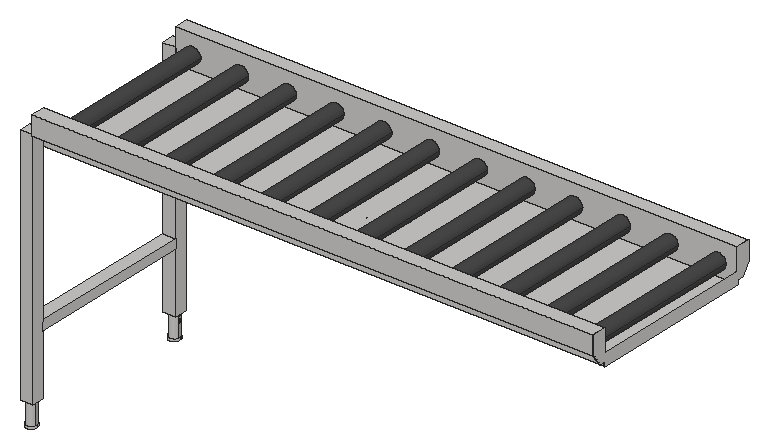
Revit family "QF_ELECTROLUXPROFESSIONAL_863031_HSLRC18", category Specialty Equipment, Revit 2018
Family settings
  Round Connector Dimension = Use Diameter
  Part Type = Normal
  Work Plane-Based = No
  Always vertical = Yes
  Cut with Voids When Loaded = No
  Shared = No
  Room Calculation Point = No
Parameters
  Weight = 0.00 kg
  Watts = 0 W
  Volts = 0 V
  URL Manufacturer = "http://professional.electrolux.com/"
  URL = "http://professional.electrolux.com/"
  Steam Supply Size = 0 mm
  Steam Supply Minimum Pressure = 0.0 Pa
  Steam Supply Maximum Pressure = 0.0 Pa
  Steam Pounds per Hour = 0
  Refrigeration Suction Line Size = 0 mm
  Refrigeration Liquid Line Size = 0 mm
  Refrigerant Compressor Remote = yes
  Manufacturer = "Electrolux"
  Phase = 0
  Model = "HSLRC18"
  Length Actual = 1800 mm  # constant formula
  Item Number = "863031"
  Hot Water Size = 0 mm
  Height Actual = 910 mm  # constant formula
  HP = "0 HP"
  Gas Size = 0 mm
  Gas KW = 0
  Gas Input Pressure = 0 W
  Description = "CONVEYOR, LONG ROLLERS, L=1800 MM"
  Depth Actual = 620 mm  # constant formula
  Cycle = 0 Hz
  Condensate Return Size = 0 mm
  Compressed Air Volume = 0.0 L/s
  Compressed Air Size = 0 mm
  Compressed Air Pressure = 0.0 Pa
  Cold Water Size = 0 mm
  Accessory = yes
Reference planes
  plane 1 "Centro (Fronte/Retro)": y = 74.737
  plane 2: z = 0
  plane 3 "LEFT": x = -1038.761
  plane 4 "BACK": y = 384.737
  plane 5 "FRONT": y = -235.263
  plane 6: z = 910
  plane 7 "RIGHT": x = 761.239
  plane 8: x = -108.761
Forms (mm)
  Extrusion 1, solid, material "QF_Finishes_Stainless Steel"
    sketch origin (0, 74.737, 0) x (1, 0, 0) y (0, 0, 1)
      loop
        line (-1079.929, 300) -> (-1079.929, 270) -> (-1039.929, 270) -> (-1039.929, 300) -> (-1079.929, 300)
    from -266.504 to 266.46
  Extrusion 2, solid, material "QF_Finishes_Stainless Steel"
    sketch origin (11.239, 0, 0) x (0, 1, 0) y (0, 0, 1)
      loop
        line (-235.263, 910) -> (-235.263, 850.033) -> (-190.242, 850.033) -> (-190.242, 910) -> (-235.263, 910)
      loop
        line (384.737, 910) -> (339.716, 910) -> (339.716, 850.033) -> (384.737, 850.033) -> (384.737, 910)
    from -1050 to 748.8
  Extrusion 3, solid, material "QF_Finishes_Stainless Steel"
    sketch origin (11.239, 0, 0) x (0, 1, 0) y (0, 0, 1)
      loop
        line (-191.727, 850.033) -> (-191.727, 800.081) -> (341.245, 800.081) -> (341.245, 850.033) -> (339.716, 850.033) -> (339.716, 803.081) -> (-190.242, 803.081) -> (-190.242, 850.033) -> (-191.727, 850.033)
    from -1050 to 748.8
  Extrusion 4, solid, material "QF_Finishes_Black"
    sketch origin (0, 74.737, 0) x (1, 0, 0) y (0, 0, -1)
      loop
        circle (-980.637, -850.115) r 25
      loop
        circle (-827.569, -850.115) r 25
      loop
        circle (-674.5, -850.115) r 25
      loop
        circle (703.115, -850.115) r 25
      loop
        circle (90.842, -850.115) r 25
      loop
        circle (243.91, -850.115) r 25
      loop
        circle (396.978, -850.115) r 25
      loop
        circle (550.047, -850.115) r 25
      loop
        circle (-521.432, -850.115) r 25
      loop
        circle (-62.227, -850.115) r 25
      loop
        circle (-215.295, -850.115) r 25
      loop
        circle (-368.364, -850.115) r 25
    from -260.534 to 260.534
  Extrusion 5, solid, material "QF_Finishes_Stainless Steel"
    sketch origin (2261.239, 723.253, 4000) x (0, 1, 0) y (0, 0, 1)
      loop
        line (-958.516, -3090) -> (-958.516, -3149.967) -> (-934.752, -3185.632) -> (-915.4, -3185.632) -> (-915.4, -3199.919) -> (-381.633, -3199.919) -> (-381.633, -3185.632) -> (-362.281, -3185.632) -> (-338.516, -3149.967) -> (-338.516, -3090) -> (-383.538, -3090) -> (-383.538, -3161.926) -> (-913.495, -3161.926) -> (-913.495, -3090) -> (-958.516, -3090)
    from -1500 to -1501.2
  Revolve 6, solid, material "QF_Finishes_Stainless Steel"
    sketch origin (-138.748, 0, 0) x (0, 1, 0) y (0, 0, 1)
      loop
        line (74.737, 800.081) -> (12.53, 800.081) -> (12.319, 797.4) -> (12.319, 785.476) -> (17.293, 785.476) -> (17.293, 781.772)
        arc (17.293, 781.772) -> (20.266, 773.808) -> (27.77, 769.813) r 11.998
        line (27.77, 769.813) -> (74.737, 764.085) -> (74.737, 800.081)
      axis (74.737, 764.085) -> (74.737, 800.081)
    angle from 0 to 360
  Revolve 7, solid, material "QF_Finishes_Stainless Steel"
    sketch origin (-108.748, -1524, 744.096) x (0, 0, 1) y (0, -1, 0)
      loop
        line (13.017, -1619.713) -> (30, -1619.713) -> (30, -1598.737) -> (0, -1598.737) -> (0, -1619.713) -> (2.434, -1622.253) -> (10.477, -1622.253) -> (13.017, -1619.713)
      axis (0, -1598.737) -> (30, -1598.737)
    angle from 0 to 360
Cuts and joins
  joined: Extrusion 2, Extrusion 3
Lines and regions (mm)
  Split face 1
    outline origin (908.239, 339.716, 803.081) x (-1, 0, 0) y (0, -1, 0)
      loop
        circle (1047, 264.904) r 3.016
  Split face 2
    outline origin (908.239, 339.716, 803.081) x (-1, 0, 0) y (0, -1, 0)
      loop
        circle (1047, 264.904) r 52.991
  Split face 3
    outline origin (908.239, 339.716, 803.081) x (-1, 0, 0) y (0, -1, 0)
      loop
        circle (1047, 264.904) r 36.015
  Split face 4
    outline origin (908.239, 339.716, 803.081) x (-1, 0, 0) y (0, -1, 0)
      loop
        circle (1047, 264.904) r 26.027
  Split face 5
    outline origin (908.239, 339.716, 803.081) x (-1, 0, 0) y (0, -1, 0)
      loop
        circle (1047, 264.904) r 9.056
  Masking region 1
    outline origin (0, 0, 0) x (1, 0, 0) y (0, 1, 0)
      loop
        line (-1038.761, 384.737) -> (-1038.761, -235.263) -> (761.239, -235.263) -> (761.239, 384.737) -> (-1038.761, 384.737)
  symbolic lines
    curve 1: line (761.239, 384.737, 0) -> (-1038.761, 384.737, 0)
    curve 2: line (-1038.761, 384.737, 0) -> (-1038.761, -235.263, 0)
    curve 3: line (-1038.761, 339.716, 0) -> (761.239, 339.716, 0)
    curve 4: line (-1038.761, -235.263, 0) -> (761.239, -235.263, 0)
    curve 5: line (761.239, -235.263, 0) -> (761.239, 384.737, 0)
    curve 6: line (761.239, -190.242, 0) -> (-1038.761, -190.242, 0)
    curve 7: line (-955.637, 335.271, 0) -> (-1005.637, 335.271, 0)
    curve 8: line (-1005.637, 335.271, 0) -> (-1005.637, -185.797, 0)
    curve 9: line (-1005.637, -185.797, 0) -> (-955.637, -185.797, 0)
    curve 10: line (-955.637, -185.797, 0) -> (-955.637, 335.271, 0)
    curve 11: line (-802.569, 335.271, 0) -> (-852.569, 335.271, 0)
    curve 12: line (-852.569, 335.271, 0) -> (-852.569, -185.797, 0)
    curve 13: line (-852.569, -185.797, 0) -> (-802.569, -185.797, 0)
    curve 14: line (-802.569, -185.797, 0) -> (-802.569, 335.271, 0)
    curve 15: line (-649.5, 335.271, 0) -> (-699.5, 335.271, 0)
    curve 16: line (-699.5, 335.271, 0) -> (-699.5, -185.797, 0)
    curve 17: line (-699.5, -185.797, 0) -> (-649.5, -185.797, 0)
    curve 18: line (-649.5, -185.797, 0) -> (-649.5, 335.271, 0)
    curve 19: line (728.115, 335.271, 0) -> (678.115, 335.271, 0)
    curve 20: line (678.115, 335.271, 0) -> (678.115, -185.797, 0)
    curve 21: line (678.115, -185.797, 0) -> (728.115, -185.797, 0)
    curve 22: line (728.115, -185.797, 0) -> (728.115, 335.271, 0)
    curve 23: line (761.239, 74.737, 0) -> (731.239, 74.737, 0)
    curve 24: line (-1038.761, 74.737, 0) -> (-1008.761, 74.737, 0)
    curve 25: arc (-139.404, 137.156, 0) -> (-76.986, 74.737, 0) -> (-139.404, 12.319, 0) r 62.418
    curve 26: arc (-139.404, 12.319, 0) -> (-201.823, 74.737, 0) -> (-139.404, 137.156, 0) r 62.418
    curve 27: arc (-109.404, 95.713, 0) -> (-130.38, 74.737, 0) -> (-109.404, 53.761, 0) r 20.976
    curve 28: arc (-109.404, 53.761, 0) -> (-88.428, 74.737, 0) -> (-109.404, 95.713, 0) r 20.976
    curve 29: line (-496.432, 335.271, 0) -> (-546.432, 335.271, 0)
    curve 30: line (-546.432, 335.271, 0) -> (-546.432, -185.797, 0)
    curve 31: line (-546.432, -185.797, 0) -> (-496.432, -185.797, 0)
    curve 32: line (-496.432, -185.797, 0) -> (-496.432, 335.271, 0)
    curve 33: line (-343.364, 335.271, 0) -> (-393.364, 335.271, 0)
    curve 34: line (-393.364, 335.271, 0) -> (-393.364, -185.797, 0)
    curve 35: line (-393.364, -185.797, 0) -> (-343.364, -185.797, 0)
    curve 36: line (-343.364, -185.797, 0) -> (-343.364, 335.271, 0)
    curve 37: line (-190.295, 335.271, 0) -> (-240.295, 335.271, 0)
    curve 38: line (-240.295, 335.271, 0) -> (-240.295, -185.797, 0)
    curve 39: line (-240.295, -185.797, 0) -> (-190.295, -185.797, 0)
    curve 40: line (-190.295, -185.797, 0) -> (-190.295, 335.271, 0)
    curve 41: line (-37.227, 335.271, 0) -> (-87.227, 335.271, 0)
    curve 42: line (-87.227, 335.271, 0) -> (-87.227, -185.797, 0)
    curve 43: line (-87.227, -185.797, 0) -> (-37.227, -185.797, 0)
    curve 44: line (-37.227, -185.797, 0) -> (-37.227, 335.271, 0)
    curve 45: line (115.842, 335.271, 0) -> (65.842, 335.271, 0)
    curve 46: line (65.842, 335.271, 0) -> (65.842, -185.797, 0)
    curve 47: line (65.842, -185.797, 0) -> (115.842, -185.797, 0)
    curve 48: line (115.842, -185.797, 0) -> (115.842, 335.271, 0)
    curve 49: line (268.91, 335.271, 0) -> (218.91, 335.271, 0)
    curve 50: line (218.91, 335.271, 0) -> (218.91, -185.797, 0)
    curve 51: line (218.91, -185.797, 0) -> (268.91, -185.797, 0)
    curve 52: line (268.91, -185.797, 0) -> (268.91, 335.271, 0)
    curve 53: line (421.978, 335.271, 0) -> (371.978, 335.271, 0)
    curve 54: line (371.978, 335.271, 0) -> (371.978, -185.797, 0)
    curve 55: line (371.978, -185.797, 0) -> (421.978, -185.797, 0)
    curve 56: line (421.978, -185.797, 0) -> (421.978, 335.271, 0)
    curve 57: line (575.047, 335.271, 0) -> (525.047, 335.271, 0)
    curve 58: line (525.047, 335.271, 0) -> (525.047, -185.797, 0)
    curve 59: line (525.047, -185.797, 0) -> (575.047, -185.797, 0)
    curve 60: line (575.047, -185.797, 0) -> (575.047, 335.271, 0)
Dimensions and locks
  plane 3 "LEFT" to plane 7 "RIGHT" = 1800 mm
  equal spacing: plane 4 "BACK", plane 1 "Centro (Fronte/Retro)", plane 5 "FRONT"
  plane 4 "BACK" to plane 5 "FRONT" = 620 mm
  locked: Extrusion 4 sketch curve to plane 3 "LEFT" at 58.124
  locked: plane 7 "RIGHT" to Extrusion 4 sketch curve at 58.124
  equal spacing: Extrusion 4 sketch curve, Extrusion 4 sketch curve, Extrusion 4 sketch curve, Extrusion 4 sketch curve, Extrusion 4 sketch curve, Extrusion 4 sketch curve, Extrusion 4 sketch curve, Extrusion 4 sketch curve, Extrusion 4 sketch curve, Extrusion 4 sketch curve, Extrusion 4 sketch curve, Extrusion 4 sketch curve
  aligned and locked: level to plane 2
Automatic sketch dimensions
  Extrusion 1 sketch curve to plane 3 "LEFT" = 41.168 mm
  Extrusion 1 sketch curve to plane 3 "LEFT" = 1.168 mm
  level to Extrusion 1 sketch curve = 270 mm
  Extrusion 1 sketch curve to Extrusion 1 sketch curve = 30 mm
  Extrusion 2 sketch curve to plane 5 "FRONT" = 0 mm
  Extrusion 2 sketch curve to plane 6 = 0 mm  (x2)
  Extrusion 2 sketch curve to plane 4 "BACK" = 0 mm
  plane 5 "FRONT" to Extrusion 2 sketch curve = 45.021 mm
  Extrusion 2 sketch curve to plane 4 "BACK" = 45.021 mm
  Extrusion 2 sketch curve to Extrusion 2 sketch curve = 59.967 mm  (x2)
  plane 5 "FRONT" to Extrusion 3 sketch curve = 43.536 mm
  Extrusion 3 sketch curve to Extrusion 3 sketch curve = 1.486 mm
  Extrusion 3 sketch curve to plane 4 "BACK" = 45.021 mm
  Extrusion 3 sketch curve to Extrusion 3 sketch curve = 1.529 mm
  Extrusion 3 sketch curve to plane 6 = 109.919 mm
  Extrusion 3 sketch curve to Extrusion 3 sketch curve = 3 mm
  Extrusion 3 sketch curve to Extrusion 3 sketch curve = 46.952 mm  (x2)
  Split face 1 sketch curve to cut or joined group of Extrusion 2, Extrusion 3 = 898.8 mm
  cut or joined group of Extrusion 2, Extrusion 3 to Split face 1 sketch curve = 264.904 mm
  Split face 2 sketch curve to cut or joined group of Extrusion 2, Extrusion 3 = 898.8 mm
  cut or joined group of Extrusion 2, Extrusion 3 to Split face 2 sketch curve = 264.904 mm
  Split face 3 sketch curve to cut or joined group of Extrusion 2, Extrusion 3 = 898.8 mm
  cut or joined group of Extrusion 2, Extrusion 3 to Split face 3 sketch curve = 264.904 mm
  Split face 4 sketch curve to cut or joined group of Extrusion 2, Extrusion 3 = 898.8 mm
  cut or joined group of Extrusion 2, Extrusion 3 to Split face 4 sketch curve = 264.904 mm
  Split face 5 sketch curve to cut or joined group of Extrusion 2, Extrusion 3 = 898.8 mm
  cut or joined group of Extrusion 2, Extrusion 3 to Split face 5 sketch curve = 264.904 mm
  Masking region 1 sketch curve to plane 3 "LEFT" = 0 mm
  Masking region 1 sketch curve to plane 5 "FRONT" = 0 mm
  Masking region 1 sketch curve to plane 7 "RIGHT" = 0 mm
  Masking region 1 sketch curve to plane 4 "BACK" = 0 mm
  Extrusion 5 sketch curve to plane 5 "FRONT" = 0 mm
  Extrusion 5 sketch curve to plane 6 = 0 mm  (x2)
  Extrusion 5 sketch curve to plane 4 "BACK" = 0 mm
  plane 5 "FRONT" to Extrusion 5 sketch curve = 23.764 mm
  Extrusion 5 sketch curve to Extrusion 5 sketch curve = 19.352 mm  (x2)
  plane 5 "FRONT" to Extrusion 5 sketch curve = 45.021 mm
  Extrusion 5 sketch curve to plane 4 "BACK" = 45.021 mm
  Extrusion 5 sketch curve to Extrusion 5 sketch curve = 1.905 mm
  Extrusion 5 sketch curve to Extrusion 5 sketch curve = 59.967 mm  (x2)
  Extrusion 5 sketch curve to Extrusion 5 sketch curve = 11.959 mm
  Extrusion 5 sketch curve to Extrusion 5 sketch curve = 23.706 mm  (x2)
  Extrusion 5 sketch curve to Extrusion 5 sketch curve = 14.287 mm
  Revolve 6 sketch curve to plane 1 "Centro (Fronte/Retro)" = 0 mm  (x2)
  plane 1 "Centro (Fronte/Retro)" to Revolve 6 sketch curve = 45.447 mm
  Revolve 6 sketch curve to Revolve 6 sketch curve = 1.52 mm
  Revolve 6 sketch curve to Revolve 6 sketch curve = 11.998 mm
  Revolve 6 sketch curve to Revolve 6 sketch curve = 4.762 mm
  Revolve 6 sketch curve to Revolve 6 sketch curve = 4.974 mm
  Revolve 6 sketch curve to plane 6 = 145.915 mm
  Revolve 6 sketch curve to Revolve 6 sketch curve = 5.727 mm
  Revolve 6 sketch curve to Revolve 6 sketch curve = 11.901 mm
  Revolve 6 sketch curve to Revolve 6 sketch curve = 3.704 mm
  Revolve 6 sketch curve to Revolve 6 sketch curve = 11.924 mm
  Revolve 6 sketch curve to Revolve 6 sketch curve = 2.681 mm
  Revolve 6 sketch curve to Revolve 6 sketch curve = 3 mm
  Revolve 6 sketch curve to Revolve 6 sketch curve = 14.991 mm
  Revolve 7 sketch curve to plane 1 "Centro (Fronte/Retro)" = 0 mm  (x2)
  Revolve 7 sketch curve to plane 1 "Centro (Fronte/Retro)" = 20.976 mm
  Revolve 7 sketch curve to plane 6 = 165.904 mm
  Revolve 7 sketch curve to plane 1 "Centro (Fronte/Retro)" = 23.516 mm
  Revolve 7 sketch curve to Revolve 7 sketch curve = 2.434 mm
  Revolve 7 sketch curve to Revolve 7 sketch curve = 8.043 mm
  Revolve 7 sketch curve to Revolve 7 sketch curve = 2.54 mm  (x2)
  Revolve 7 sketch curve to Revolve 7 sketch curve = 16.983 mm
  Revolve 7 sketch curve to Revolve 7 sketch curve = 3.127 mm
  Revolve 7 sketch curve to Revolve 7 sketch curve = 7.343 mm
  Extrusion 4 sketch curve to plane 6 = 59.885 mm  (x12)
  curve 25 to curve 26 = 0 mm  (x2)
  curve 27 to curve 28 = 0 mm  (x2)
  curve 4 to plane 3 "LEFT" = 0 mm
  plane 1 "Centro (Fronte/Retro)" to curve 24 = 0 mm
  plane 1 "Centro (Fronte/Retro)" to curve 25 = 0 mm
  plane 1 "Centro (Fronte/Retro)" to curve 28 = 0 mm
  plane 1 "Centro (Fronte/Retro)" to curve 23 = 0 mm
  curve 6 to plane 7 "RIGHT" = 0 mm
  curve 4 to plane 5 "FRONT" = 0 mm
  curve 2 to plane 4 "BACK" = 0 mm
  plane 3 "LEFT" to curve 9 = 33.124 mm
  curve 7 to curve 10 = 50 mm
  plane 5 "FRONT" to curve 12 = 49.466 mm
  curve 9 to curve 12 = 103.068 mm
  curve 11 to curve 14 = 50 mm
  plane 5 "FRONT" to curve 17 = 49.466 mm
  curve 13 to curve 17 = 103.068 mm
  curve 16 to curve 18 = 50 mm
  plane 5 "FRONT" to curve 31 = 49.466 mm
  curve 17 to curve 31 = 103.068 mm
  curve 29 to curve 32 = 50 mm
  curve 33 to plane 4 "BACK" = 49.466 mm
  curve 29 to curve 33 = 103.068 mm
  curve 34 to curve 35 = 50 mm
  curve 37 to plane 4 "BACK" = 49.466 mm
  curve 33 to curve 37 = 103.068 mm
  curve 38 to curve 40 = 50 mm
  curve 25 to plane 8 = 30.643 mm
  curve 28 to plane 8 = 0.643 mm
  plane 8 to curve 41 = 21.534 mm
  curve 42 to curve 43 = 50 mm
  curve 45 to plane 4 "BACK" = 49.466 mm
  curve 41 to curve 45 = 103.068 mm
  curve 45 to curve 48 = 50 mm
  curve 50 to plane 4 "BACK" = 49.466 mm
  curve 45 to curve 50 = 103.068 mm
  curve 50 to curve 51 = 50 mm
  curve 53 to plane 4 "BACK" = 49.466 mm
  curve 49 to curve 53 = 103.068 mm
  curve 54 to curve 56 = 50 mm
  curve 57 to plane 4 "BACK" = 49.466 mm
  curve 53 to curve 57 = 103.068 mm
  curve 58 to curve 59 = 50 mm
  curve 20 to plane 7 "RIGHT" = 83.124 mm
  curve 21 to plane 7 "RIGHT" = 33.124 mm
  plane 5 "FRONT" to curve 59 = 49.466 mm
  plane 5 "FRONT" to curve 55 = 49.466 mm
  plane 5 "FRONT" to curve 52 = 49.466 mm
  plane 5 "FRONT" to curve 8 = 49.466 mm
  plane 5 "FRONT" to curve 48 = 49.466 mm
  plane 5 "FRONT" to curve 44 = 49.466 mm
  plane 5 "FRONT" to curve 40 = 49.466 mm
  plane 5 "FRONT" to curve 20 = 49.466 mm
  plane 5 "FRONT" to curve 34 = 49.466 mm
  curve 29 to plane 4 "BACK" = 49.466 mm
  curve 22 to plane 4 "BACK" = 49.466 mm
  curve 41 to plane 4 "BACK" = 49.466 mm
  curve 18 to plane 4 "BACK" = 49.466 mm
  curve 14 to plane 4 "BACK" = 49.466 mm
  curve 10 to plane 4 "BACK" = 49.466 mm
  plane 3 "LEFT" to curve 24 = 30 mm
  curve 23 to plane 7 "RIGHT" = 30 mm
  curve 6 to curve 21 = 4.445 mm
  curve 25 to curve 25 = 62.418 mm
  curve 28 to curve 27 = 20.976 mm
  curve 19 to curve 3 = 4.445 mm
  radius of Split face 1 sketch curve = 3.016 mm
  radius of Split face 2 sketch curve = 52.991 mm
  radius of Split face 3 sketch curve = 36.015 mm
  radius of Split face 4 sketch curve = 26.027 mm
  radius of Split face 5 sketch curve = 9.056 mm
  radius of Extrusion 4 sketch curve = 25 mm  (x12)
Nested families
  nested 1: "Foot_40x40" at (-1059.929, 361.245, 0), type "Foot_40x40"
    with A 850.033 mm
  nested 2: "Foot_40x40" at (-1059.929, -211.771, 0), type "Foot_40x40"
    with A 850.033 mm
  nested 3: "Foot_40x40" at (-1059.929, 361.288, 0), type "Foot_40x40"
    with A 850.033 mm
Connectors
  piping at (-108.748, 74.737, 744.096), diameter 30
    settings: on Revolve 7, index 4, connector inside diameter 609.6 mm, connector length 0 mm, flow factor 0, pipe flow 0.0 L/s, pressure drop 0.0 Pa, fitting loss kfactor 0, connector angle 0.00°, fixture units 0, engagement length 0 mm, angle of deflection 0.00°, flow configuration 1, flow direction 2, fitting loss method 0, system type 16, joint type 0, gender type 0, connector reference index -1, connector utility 0, adjustable connector no, is connector primary yes, connector description "Drain"
Definition of nested family "Foot_40x40"
  Parameters
    A [instance] = 850 mm
  Reference planes
    plane 1 "Centro (Fronte/Retro)": y = 0
    plane 2: z = 0
    plane 3 "Centro (Sinistra/Destra)": x = 0
    plane 4: z = 850
  Forms (mm)
    Extrusion 1, solid
      sketch origin (0, 0, 0) x (1, 0, 0) y (0, 1, 0)
        loop
          circle (0, 0) r 18
      from 0 to 5
    Extrusion 2, solid
      sketch origin (0, 0, 5) x (1, 0, 0) y (0, 1, 0)
        loop
          circle (0, 0) r 15
      from 0 to 70
    Extrusion 3, solid
      sketch origin (0, 0, 75) x (1, 0, 0) y (0, 1, 0)
        loop
          line (-20, 20) -> (-20, -20) -> (20, -20) -> (20, 20) -> (-20, 20)
      from 0 to 775
  Dimensions and locks
    "A": plane 4 to plane 2
    aligned and locked: level to plane 2
    aligned and locked: plane 4 to Extrusion 3
    aligned and locked: Extrusion 1 to level
  Automatic sketch dimensions
    plane 1 "Centro (Fronte/Retro)" to Extrusion 1 sketch curve = 0 mm
    Extrusion 1 sketch curve to plane 3 "Centro (Sinistra/Destra)" = 0 mm
    Extrusion 3 sketch curve to Extrusion 3 sketch curve = 40 mm  (x2)
    radius of Extrusion 1 sketch curve = 18 mm
    radius of Extrusion 2 sketch curve to Extrusion 1 = 3 mm
